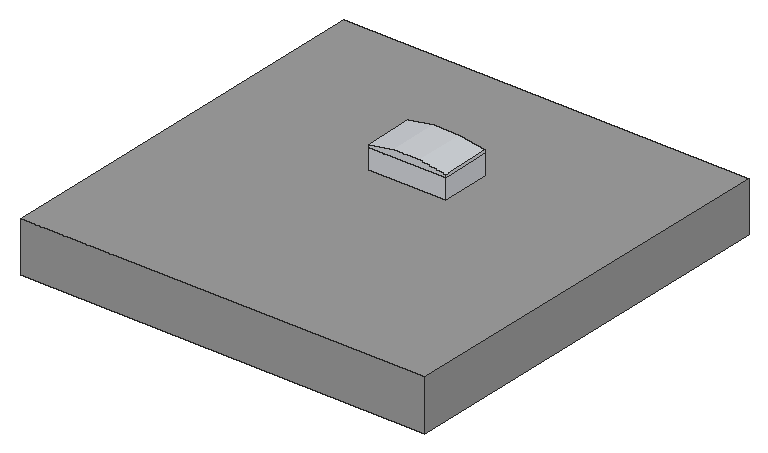
Revit family "ElectricalEquipment_Hager_TPNLighting&Power_HagerTPNExtBoxContactorIncomers", category Electrical Equipment, host Face, Revit 2015
Parameters (values of type "TPN Ext Box Contactor Incomer 63A AC23")
  Type Comments = "Mounted directly below JK1 primary Distribution Board"
  Type = "ElectricalFixture"
  Supply Phase = "1,3"
  Shape = "Rectangular"
  Product Group = "TPN"
  Product Family = "TPN Ext Box Contactor Incomer"
  Packaging Weight = 1.00 kg
  Packaging Recyclable = yes
  Overall Width = 465 mm
  Warranty ID = "24 Months"
  Voltage = "415"
  Uimp Rating = 4000 V
  Ui Rating = 690 V
  URL = "www.hager.co.uk"
  built-in parameter 1140080 [instance] = "10kA Conditional"
  Revision = 2
  Product Weight = 14.50 kg
  Product Range = "Invicta 3 TPN Contacor Incomer"
  Product Literature = "www.hager.co.uk/?artnr=JK10634C"
  Product Description = "JK1 TPN Contactor Incomer 63A 4P AC23"
  Pollution Degree = 2
  Panel Name [instance] = "Invicta 3 TPN Contactor Incomer 63A 4P AC23"
  Outging Ways (TP) = Max #3 Pole Breakers  # 0
  Number of Poles = 4
  Neutral Rating = 100.00%
  built-in parameter 1140081 [instance] = "Surface Wall Mounted"
  Model = "JK10634C"
  Max #3 Pole Breakers = 0
  built-in parameter 1140079 [instance] = (empty or 0)
  Manufacturer Website = "www.hager.co.uk"
  Manufacturer Country = "United Kingdom"
  Manufacturer = "Hager UK Ltd"
  Mains Type = "3 phase"
  built-in parameter 1140082 [instance] = 63 (stored number, unit not read)
  built-in parameter 1140140 = 63 (stored number, unit not read)
  Location of Manufacturer = "Telford, TF1 7FT"
  Location = "Indoors"
  Keynote = ""
  Enclosure Rating = "IP3X"
  Overall Length [instance] = 300 mm
  Hager Catalogue Ref = Model  # "JK10634C"
  Frequency = 50 Hz
  built-in parameter 1140083 [instance] = "Steel Epoxy Polyester Powdercoated"
  EAN = "5015652250241"
  Door Type = "Single Plain Door"
  Door = 46 mm
  built-in parameter 1140064 [instance] = (empty or 0)
  Design Country = "China"
  Description = Product Description  # "JK1 TPN Contactor Incomer 63A 4P AC23"
  Overall Height = 166 mm
  Default Elevation = 1200 mm
  Colour = "BS4800:2011 00A01 Oyster Grey"
  CE Approval = yes
  Busbar Rating = 63 A
  Reference Standard = "BS EN 61439-3"
Types (3, lengths in mm): name | Type Comments | Product Weight | Product Literature | Product Description | Panel Name | Model | built-in parameter 1140082 | Overall Length | Hager Catalogue Ref | EAN | Description | Overall Height | Busbar Rating
  TPN Ext Box Contactor Incomer 63A AC23 | "Mounted directly below JK1 primary Distribution Board" | 14.50 kg | "www.hager.co.uk/?artnr=JK10634C" | "JK1 TPN Contactor Incomer 63A 4P AC23" | "Invicta 3 TPN Contactor Incomer 63A 4P AC23" | "JK10634C" | 63 (stored number, unit not read) | 300 | "JK10634C" | "5015652250241" | "JK1 TPN Contactor Incomer 63A 4P AC23" | 166 | 63 A
  TPN Ext Box Contactor Incomer 100A AC23 | "Mounted directly below JK1 primary Distribution Board" | 16.50 kg | "www.hager.co.uk/?artnr=JK11004C" | "JK1 TPN Contactor Incomer 100A 4P AC23" | "Invicta 3 TPN Contactor Incomer 100A 4P AC23" | "JK11004C" | 100 (stored number, unit not read) | 450 | "JK11004C" | "5015652250302" | "JK1 TPN Contactor Incomer 100A 4P AC23" | 235 | 100 A
  TPN Ext Box Contactor Incomer 160A AC23 | "Mounted directly below JK2 primary Distribution Board" | 16.50 kg | "www.hager.co.uk/?artnr=JK21604C" | "JK2 TPN Contactor Incomer 160A 4P AC23" | "Invicta 3 TPN Contactor Incomer 160A 4P AC23" | "JK21604C" | 160 (stored number, unit not read) | 450 | "JK21604C" | "5015652250524" | "JK2 TPN Contactor Incomer 160A 4P AC23" | 235 | 160 A
Reference planes
  plane 1 "Center (Front/Back)": y = 470.263
  plane 2: z = 0
  plane 3 "Center (Left/Right)": x = 0
  plane 4: y = 170.263
  plane 5: x = -232.5
  plane 6: x = 232.5
  plane 7: z = 166
  plane 8: z = 120
  plane 9: z = -796
Forms (mm)
  Extrusion 1, solid, material "Default"
    sketch origin (0, 0, 0) x (1, 0, 0) y (0, 1, 0)
      loop
        line (-1219.2, 1219.2) -> (-1219.2, -1219.2) -> (1219.2, -1219.2) -> (1219.2, 1219.2) -> (-1219.2, 1219.2)
    from 0 to -304.8
  Extrusion 2, solid, detail levels fine
    sketch origin (0, 470.263, 0) x (1, 0, 0) y (0, 0, 1)
      loop
        line (232.5, 120) -> (-232.5, 120) -> (-232.5, 0) -> (232.5, 0) -> (232.5, 120)
    from 300 to 0
  Extrusion 3, solid, detail levels fine
    sketch origin (0, 470.263, 0) x (1, 0, 0) y (0, 0, 1)
      loop
        line (-232.5, 136.626) -> (-232.5, 120) -> (232.5, 120) -> (232.5, 137.487)
        arc (232.5, 137.487) -> (-0.053, 165.604) -> (-232.5, 136.626) r 961.054
    from 0 to 300
Dimensions and locks
  equal spacing: plane 5, plane 3 "Center (Left/Right)", plane 6
  "Overall Width": plane 5 to plane 6
  "Overall Length": plane 4 to plane 1 "Center (Front/Back)"
  "Overall Height": Extrusion 1 to plane 7
  "Door": plane 8 to plane 7
  locked: plane 7 to plane 9 at 962
  aligned and locked: plane 2 to Extrusion 1
  aligned and locked: level to Extrusion 1
  aligned and locked: Extrusion 2 sketch curve to plane 8
  aligned and locked: Extrusion 2 sketch curve to plane 5
  aligned and locked: Extrusion 2 sketch curve to level
  aligned and locked: plane 6 to Extrusion 2 sketch curve
  aligned and locked: Extrusion 2 to plane 4
  aligned and locked: Extrusion 2 to plane 1 "Center (Front/Back)"
  aligned and locked: plane 6 to Extrusion 3
  aligned and locked: Extrusion 3 to plane 5
  aligned and locked: Extrusion 3 to plane 8
  aligned and locked: Extrusion 3 to Extrusion 2
  aligned and locked: Extrusion 2 to Extrusion 3
  aligned and locked: plane 2 to nested 1
  aligned and locked: plane 5 to nested 1
  aligned and locked: plane 6 to nested 1
  aligned and locked: nested 1 to plane 7
Automatic sketch dimensions
  Extrusion 1 sketch curve to Extrusion 1 sketch curve = 2438.4 mm  (x2)
  Extrusion 3 sketch curve to plane 6 = 0 mm
  Extrusion 3 sketch curve to plane 8 = 0 mm
  Extrusion 3 sketch curve to plane 5 = 0 mm
  plane 3 "Center (Left/Right)" to Extrusion 3 sketch curve = 1.727 mm
  plane 9 to Extrusion 3 sketch curve = 0.552 mm
  plane 8 to Extrusion 3 sketch curve = 17.487 mm
Nested families
  nested 1: "Distribution Board Annotation" at (-232.5, 470.263, 166) x (1, 0, 0) z (0, -1, 0), type "Distribution Board Annotation", detail levels coarse+medium
    with Width 166 mm, Length 465 mm
Connectors
  electrical at (0, 170.263, 60)
    settings: on Extrusion 2, index 1, voltage 0 V, apparent load 0 VA, apparent load phase1 0 VA, apparent load phase2 0 VA, apparent load phase3 0 VA, power factor 1, load classification "Other", number of poles 1, system type 31, power factor state 1, is connector primary yes, connector utility no, sub classification motor no, connector description ""
  cabletrayconduit at (0, 170.263, 60), diameter 600
    settings: on Extrusion 2, index 2, connector width 300 mm, connector height 300 mm, connector angle 0.00°, system type 32, placement type 0, profile type 0, connector reference index -1, is primary connector yes, connector utility param no, connector description ""
  cabletrayconduit at (0, 470.263, 60), diameter 600
    settings: on Extrusion 2, index 3, connector width 300 mm, connector height 300 mm, connector angle 0.00°, system type 32, placement type 0, profile type 0, connector reference index -1, is primary connector no, connector utility param no, connector description ""
Definition of nested family "Distribution Board Annotation"
  Parameters
    Width [instance] = 609.6 mm
    Length [instance] = 1219.2 mm
    Assembly Code = ""
  Reference planes
    plane 1 "Centre (Front/Back)": y = 0
    plane 2: z = 0
    plane 3 "Centre (Left/Right)": x = 0
    plane 4: y = -609.6
    plane 5: x = 1219.2
  Lines and regions (mm)
    Filled region 1, type "Solid Fill - Black", in view "Ref. Level"
      outline origin (0, 0, 0) x (1, 0, 0) y (0, 1, 0)
        loop
          line (0, 0) -> (1219.2, -609.6) -> (1219.2, 0) -> (0, 0)
    detail lines, in view "Ref. Level"
      curve 1: line (0, -609.6, 0) -> (1219.2, -609.6, 0)
      curve 2: line (1219.2, -609.6, 0) -> (1219.2, 0, 0)
      curve 3: line (0, -609.6, 0) -> (0, 0, 0)
      curve 4: line (0, 0, 0) -> (1219.2, 0, 0)
      curve 5: line (0, 0, 0) -> (1219.2, -609.6, 0)
  Dimensions and locks
    "Width": plane 4 to plane 1 "Centre (Front/Back)"
    "Length": plane 3 "Centre (Left/Right)" to plane 5
    aligned and locked: plane 3 "Centre (Left/Right)" to curve 1
    aligned and locked: curve 1 to plane 4
    aligned and locked: plane 5 to curve 2
    aligned and locked: plane 1 "Centre (Front/Back)" to curve 4
    aligned and locked: Filled region 1 sketch curve to curve 4
    aligned and locked: Filled region 1 sketch curve to curve 5
    aligned and locked: Filled region 1 sketch curve to curve 2
